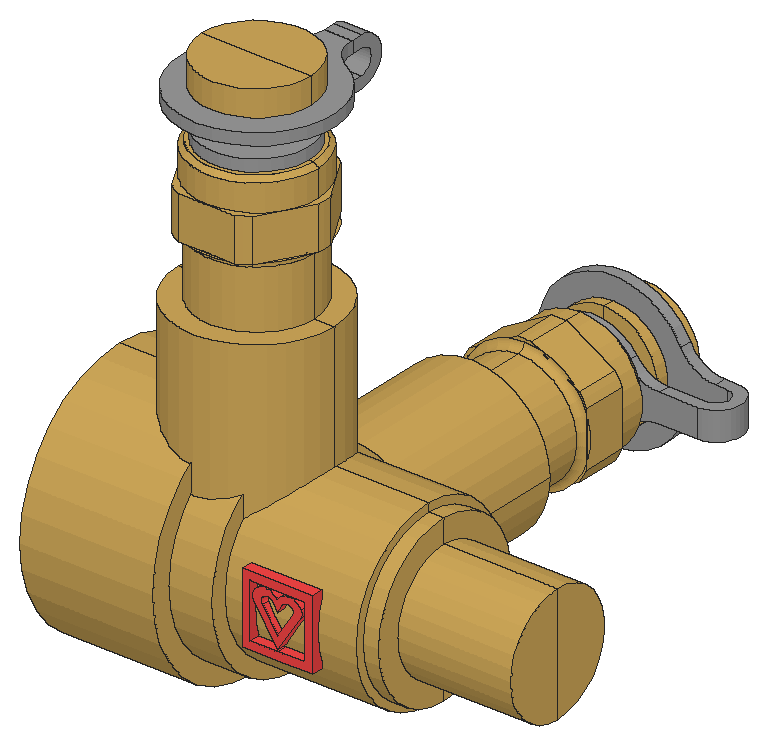
Revit family "HERZ измерительная диафрагма 4000", category Rohrzubehör, Revit 2021
Family settings
  Bemaßung runder Anschluss = Durchmesser verwenden
  Teiletyp = Unterbricht
  OmniClass-Nummer = 23.65.55.14
  OmniClass-Titel = Valves for Liquid Services
  Arbeitsebenenbasiert = Nein
  Immer vertikal = Ja
  Beim Laden mit Abzugskörper schneiden = Nein
  Gemeinsam genutzt = Nein
Parameters
  Среда = "Качество теплоносителя в соответствии с ÖNORM H5195 и VDI 2035.\r\nДопускается использование этилен- и пропиленгликоля в объемном соотношении 25-50 % с водой."
  Применение = "HERZ-измерительные диафрагмы устанавливаются на участках трубопроводов в системах отопления и холодоснабжения.\r\nИзмерительные диафрагмы могут устанавливаться как на подающей, так и на обратной линиях.\r\nОни устанавливаются либо вплотную к HERZ балансировочному клапану, образуя комплект, либо используются вместе с HERZ запорным клапаном.\r\nУчастки балансируются с помощью настроек балансировочного клапана при измерении потери давления на измерительной диафрагме."
  Номер заказа [instance] = size_lookup("4000_", "Artnr", 0, Nennweite)  # 1400001
  Мин. рабочая температура = -20 °C  # constant formula
  Макс. рабочее давление = 2000000.0 Pa  # constant formula
  Корпус = "латунь, CC770S"  # constant formula
  Исполнение = "Корпус измерительной диафрагмы выполнен из латуни, устойчивой к селективной цинковой коррозии.\r\nДва измерительных клапана встроены в диафрагму.\r\nСогласно EN 10226 на входе в диафрагму - муфта с внутренней резьба Rp и на выходе - наружная резьба R."
  kvs-значения [instance] = if(Nennweite = 15.00 mm, 2.2, if(Nennweite = 20.00 mm, 4.25, if(Nennweite = 25.00 mm, 8.6, if(Nennweite = 32.00 mm, 15.9, if(Nennweite = 40.00 mm, 23.7, if(Nennweite = 50.00 mm, 48, 0))))))  # 2.2
  Vorgabe-Ansicht = 0.00 mm
  URL = "www.herz-armaturen.ru"
  SCRNSEQ = "AWI;AWI_TYP=\"1001\";02"
  SCRNCODE = "02;01;02"  # constant formula
  S03 = 10.00 mm  # constant formula
  S02 [instance] = S01 - 10.00 mm  # 17.50 mm
  S01 [instance] = H01  # 27.50 mm
  R01 [instance] = size_lookup("4000_", "R1", 1.00 mm, Nennweite)  # 10.00 mm
  Nennweite [instance] = 15.00 mm
  Измерительные клапаны = "латунь, CW602N"  # constant formula
  Макс. рабочая температура (до DN32) = 130 °C  # constant formula
  Макс. рабочая температура (от DN40) = 110 °C  # constant formula
  LO01 [instance] = if(Nennweite = 15.00 mm, 30.00 mm, if(Nennweite = 20.00 mm, 32.00 mm, if(Nennweite = 25.00 mm, 37.00 mm, if(Nennweite = 32.00 mm, 42.00 mm, if(Nennweite = 40.00 mm, 42.00 mm, if(Nennweite = 50.00 mm, 45.00 mm, 0.00 mm))))))  # 30.00 mm
  L05 [instance] = size_lookup("4000_", "L5", 1.00 mm, Nennweite)  # 23.00 mm
  L04 [instance] = size_lookup("4000_", "L4", 1.00 mm, Nennweite)  # 16.50 mm
  L03 [instance] = size_lookup("4000_", "L3", 1.00 mm, Nennweite)  # 22.60 mm
  L02 [instance] = size_lookup("4000_", "L2", 1.00 mm, Nennweite)  # 17.00 mm
  L01 [instance] = size_lookup("4000_", "L1", 1.00 mm, Nennweite)  # 17.50 mm
  L00 [instance] = size_lookup("4000_", "L", 1.00 mm, Nennweite)  # 56.00 mm
  IG [instance] = Nennweite / 2  # 7.50 mm
  Hersteller = "HERZ Armaturen Ges.m.b.H."  # constant formula
  H01 [instance] = size_lookup("4000_", "H1", 1.00 mm, Nennweite)  # 27.50 mm
  GT1 [instance] = size_lookup("4000_", "GT1", 1.00 mm, Nennweite)  # 14.50 mm
  GT [instance] = size_lookup("4000_", "GT", 1.00 mm, Nennweite)  # 13.00 mm
  D04 [instance] = D03 - 1.00 mm  # 10.50 mm
  D03 [instance] = size_lookup("4000_", "D3", 1.00 mm, Nennweite)  # 11.50 mm
  D02 [instance] = size_lookup("4000_", "D2", 1.00 mm, Nennweite)  # 13.50 mm
  D01 [instance] = size_lookup("4000_", "D1", 1.00 mm, Nennweite)  # 16.00 mm
  AG [instance] = Nennweite / 2  # 7.50 mm
Reference planes
  plane 1 "Mitte (Vorne/hinten)": y = 0
  plane 2: z = 0
  plane 3 "Mitte (Links/rechts)": x = 0
Forms (mm)
  Revolve 1, solid, material "Messing, weicher Gelbton, geschweißt", detail levels fine
    sketch origin (0, 0, 0) x (1, 0, 0) y (0, 0, 1)
      loop
        line (-4.5, 0) -> (38.5, 0) -> (38.5, 7.5) -> (24, 7.5) -> (24, 10.5) -> (22, 10.5) -> (22, 11.5) -> (5.1, 11.5) -> (5.1, 13.5) -> (-0.5, 13.5) -> (-0.5, 16) -> (-17.5, 16) -> (-17.5, 7.5) -> (-4.5, 7.5) -> (-4.5, 0)
      axis (-17.5, 0) -> (38.5, 0)
    angle from 0 to 360
  Revolve 2, solid, material "Messing, weicher Gelbton, geschweißt", detail levels fine
    sketch origin (0, 0, 0) x (1, 0, 0) y (0, 0, 1)
      loop
        line (-10, 7.5) -> (0, 7.5) -> (0, 27.5) -> (-10, 27.5) -> (-10, 7.5)
      axis (0, 27.5) -> (0, 7.5)
    angle from 0 to 360
  Revolve 3, solid, material "Messing, weicher Gelbton, geschweißt", detail levels fine
    sketch origin (0, 0, 0) x (1, 0, 0) y (0, 1, 0)
      loop
        line (5.5, 7.5) -> (15.5, 7.5) -> (15.5, 27.5) -> (5.5, 27.5) -> (5.5, 7.5)
      axis (5.5, 27.5) -> (5.5, 7.5)
    angle from 0 to 360
Lines and regions (mm)
  model lines, detail levels coarse+medium
    curve 1: line (-17.5, 0, 0) -> (0.5, 0, 0)
    curve 2: line (10.5, 0, -27.5) -> (10.5, 0, 27.5)
    curve 3: line (20.5, 0, 17.5) -> (20.5, 0, -17.5)
    curve 4: line (20.5, 0, 0) -> (38.5, 0, 0)
    curve 5: line (0.5, 0, 17.5) -> (0.5, 0, -17.5)
    curve 6: line (-17.5, 0, 0) -> (0.5, 0, 0)
    curve 7: line (10.5, 27.5, 0) -> (10.5, -27.5, 0)
    curve 8: line (0.5, 17.5, 0) -> (0.5, -17.5, 0)
    curve 9: line (20.5, 17.5, 0) -> (20.5, -17.5, 0)
    curve 10: line (20.5, 0, 0) -> (38.5, 0, 0)
Dimensions and locks
  "L00": Revolve 1 sketch curve to Revolve 1 sketch curve
  "GT": Revolve 1 sketch curve to Revolve 1 sketch curve
  "L01": plane 3 "Mitte (Links/rechts)" to Revolve 1 sketch curve
  "GT1": Revolve 1 sketch curve to Revolve 1 sketch curve
  "L02": Revolve 1 sketch curve to Revolve 1 sketch curve
  "L03": Revolve 1 sketch curve to Revolve 1 sketch curve
  "L04": Revolve 1 sketch curve to Revolve 1 sketch curve
  "AG": Revolve 1 sketch curve to plane 2
  "IG": Revolve 1 sketch curve to plane 2
  "D01": Revolve 1 sketch curve to plane 2
  "D02": Revolve 1 sketch curve to plane 2
  "D03": Revolve 1 sketch curve to plane 2
  "D04": Revolve 1 sketch curve to plane 2
  "D03": nested 1 to plane 1 "Mitte (Vorne/hinten)"
  "LO01": Revolve 1 to nested 1
  "IG": Revolve 2 sketch curve to plane 2
  "H01": Revolve 2 sketch curve to plane 2
  "R01": plane 3 "Mitte (Links/rechts)" to Revolve 2 sketch curve
  "H01": nested 2 to plane 2
  "IG": plane 1 "Mitte (Vorne/hinten)" to Revolve 3 sketch curve
  "H01": plane 1 "Mitte (Vorne/hinten)" to Revolve 3 sketch curve
  "R01": Revolve 3 sketch curve to Revolve 3 sketch curve
  "L05": Revolve 1 to Revolve 3 sketch curve  (x2)
  "H01": plane 1 "Mitte (Vorne/hinten)" to nested 3
  "L05": Revolve 1 to nested 3
  "L01": Revolve 1 to nested 2
  "S01": curve 2 to curve 4 to curve 2
  "L00": curve 1 to curve 4
  "S02": curve 3 to curve 4 to curve 3
  "S03": curve 2 to curve 3
  "S03": curve 2 to curve 5
  equal spacing: curve 4, curve 2, curve 1
  "S02": curve 5 to curve 1 to curve 5
  "L01": plane 3 "Mitte (Links/rechts)" to curve 1
  "L00": curve 6 to curve 10
  equal spacing: curve 6, curve 7, curve 10
  "S03": curve 8 to curve 7 to curve 9
  "S02": curve 9 to curve 10 to curve 9
  "S02": curve 8 to curve 6 to curve 8
  "S01": curve 7 to curve 10 to curve 7
  "L01": curve 6 to plane 3 "Mitte (Links/rechts)"
  aligned and locked: level to plane 2
Automatic sketch dimensions
  curve 4 to level = 0.00 mm
  curve 1 to level = 0.00 mm
  plane 1 "Mitte (Vorne/hinten)" to curve 10 = 0.00 mm
  plane 1 "Mitte (Vorne/hinten)" to curve 6 = 0.00 mm
  Revolve 1 sketch curve to level = 0.00 mm  (x2)
  Revolve 1 sketch curve to Revolve 1 sketch curve = 1489.03 mm
  Revolve 1 sketch curve to Revolve 1 sketch curve = 1800.648 mm
  Revolve 2 sketch curve to plane 3 "Mitte (Links/rechts)" = 0.00 mm  (x2)
  Revolve 2 sketch curve to level = 366.045 mm
  Revolve 2 sketch curve to Revolve 2 sketch curve = 2186.815 mm
  Revolve 3 sketch curve to Revolve 3 sketch curve = 0.00 mm  (x2)
Nested families
  nested 1: "Herz-Logo-vorne" at (12.5, -11.5, 0) x (0, 1, 0) z (0, 0, 1), type "Herz-Logo-vorne", detail levels fine
  nested 2: "Messstutzen_Band_Eintritt_senkrecht_(oben)" at (0, 0, 18.5), type "Messstutzen_Band_Eintritt_senkrecht_(oben)", detail levels fine
    with Schutzkappe yes, Nennweite 0.00 mm, Gewicht 0.00 kg, Bestellnummer 0
  nested 3: "Messstutzen_Band_Austritt_waagrecht" at (5.5, 18.5, 0) x (0, -1, 0) z (0, 0, 1), type "Messstutzen_Band_Austritt_waagrecht", detail levels fine
    with Schutzkappe yes, Nennweite 0.00 mm, Gewicht 0.00 kg, Bestellnummer 0
Connectors
  piping at (-4.5, 0, 0), diameter 15, driven by "Nennweite"
    settings: on Revolve 1, index 1, connector inside diameter 609.6 mm, connector length 0.00 mm, flow factor 0, pipe flow 0.0 L/s, pressure drop 0.0 Pa, fitting loss kfactor 0, connector angle 0.00°, fixture units 0, engagement length 0.00 mm, angle of deflection 0.00°, flow configuration 0, flow direction 1, fitting loss method 0, system type 29, joint type 0, gender type 0, connector reference index -1, connector utility 0, adjustable connector no, is connector primary yes, connector description ""
  piping at (38.5, 0, 0), diameter 15, driven by "Nennweite"
    settings: on Revolve 1, index 2, connector inside diameter 609.6 mm, connector length 0.00 mm, flow factor 0, pipe flow 0.0 L/s, pressure drop 0.0 Pa, fitting loss kfactor 0, connector angle 0.00°, fixture units 0, engagement length 0.00 mm, angle of deflection 0.00°, flow configuration 0, flow direction 2, fitting loss method 0, system type 29, joint type 0, gender type 0, connector reference index -1, connector utility 0, adjustable connector no, is connector primary no, connector description ""
Definition of nested family "Herz-Logo-vorne"
  Parameters (values of type "Herz-Logo-vorne")
    Default Elevation = 0.00 mm
  Reference planes
    plane 1 "Mitte (Vorne/hinten)": y = 0
    plane 2: z = 0
    plane 3 "Mitte (Links/rechts)": x = 0
  Forms (mm)
    Extrusion 1, solid
      sketch origin (0.732, -0.018, 0.017) x (0, -1, 0) y (0, 0, 1)
        loop
          line (-0.018, -4.517) -> (4.482, -4.517) -> (4.482, 4.483) -> (-4.518, 4.483) -> (-4.518, -4.517) -> (-0.018, -4.517)
        loop
          line (-0.05, -3.48) -> (3.482, -3.48) -> (3.482, 3.483) -> (-3.518, 3.483) -> (-3.518, -3.48) -> (-0.05, -3.48)
        loop
          arc (-0.018, 2.383) -> (-1.543, 3.287) -> (-3.067, 2.383) r 1.738
          arc (-3.067, 2.383) -> (-3.191, 1.899) -> (-3.067, 1.415) r 1.009
          line (-3.067, 1.415) -> (-0.018, -3.281) -> (3.032, 1.415)
          arc (3.032, 1.415) -> (3.156, 1.899) -> (3.032, 2.383) r 1.009
          arc (3.032, 2.383) -> (1.507, 3.287) -> (-0.018, 2.383) r 1.738
        loop
          arc (1.885, 1.272) -> (2.005, 1.675) -> (1.885, 2.079) r 0.74
          arc (1.885, 2.079) -> (1.265, 2.416) -> (0.644, 2.079) r 0.74
          line (0.644, 2.079) -> (-0.018, 0.97) -> (-0.679, 2.079)
          arc (-0.679, 2.079) -> (-1.3, 2.416) -> (-1.921, 2.079) r 0.74
          arc (-1.921, 2.079) -> (-2.04, 1.675) -> (-1.921, 1.272) r 0.74
          line (-1.921, 1.272) -> (-0.018, -1.658) -> (1.885, 1.272)
      from 0 to 1.5
  Dimensions and locks
    aligned and locked: level to plane 2
Definition of nested family "Messstutzen_Band_Eintritt_senkrecht_(oben)"
  Parameters (values of type "Messstutzen_Band_Eintritt_senkrecht_(oben)")
    Default Elevation = 0.00 mm
    URL = "www.herz-armaturen.at"
    Schutzkappe [instance] = yes
    Nennweite [instance] = 0.00 mm
    Manufacturer = "Herz Armaturen GmbH"  # constant formula
    Gewicht [instance] = 0.00 kg
    Bestellnummer [instance] = 0
  Reference planes
    plane 1 "Mitte (Vorne/hinten)": y = 0
    plane 2: z = 0
    plane 3 "Mitte (Links/rechts)": x = 0
    plane 4 "Schlaufe 1": z = -27
    plane 5 "Schlaufe 2": z = -31.678
  Forms (mm)
    Revolve 1, solid, detail levels fine
      sketch origin (0, 0, 0) x (1, 0, 0) y (0, 0, 1)
        loop
          line (-7.4, 9) -> (-5.55, 9) -> (-5.55, 6)
          arc (-5.55, 6) -> (-5.626, 5.617) -> (-5.843, 5.293) r 1
          line (-5.843, 5.293) -> (-6.455, 4.681) -> (-6.455, 0.9) -> (-5.555, 0) -> (-2, 0) -> (-2, 17.5) -> (-8.4, 17.5)
          arc (-8.4, 17.5) -> (-7.693, 17.207) -> (-7.4, 16.5) r 1
          line (-7.4, 16.5) -> (-7.4, 9)
        loop
          line (-3.7, 27) -> (-7.3, 27) -> (-7.9, 26.4) -> (-7.9, 23) -> (-2, 23) -> (-2, 35.8) -> (-3.805, 35.8) -> (-4.415, 35.19) -> (-4.415, 30.863) -> (-3.7, 30.45) -> (-3.7, 27)
        axis (0, 0) -> (0, 35.8)
      angle from 0 to 360
    Extrusion 2, solid, detail levels fine
      sketch origin (0, 0, 17.5) x (0, 1, 0) y (-1, 0, 0)
        loop
          arc (-7.07, 5.156) -> (-7.578, 4.375) -> (-8, 3.544) r 8.75
          line (-8, 3.544) -> (-8, -3.544)
          arc (-8, -3.544) -> (-7.578, -4.375) -> (-7.07, -5.156) r 8.75
          line (-7.07, -5.156) -> (-0.93, -8.7)
          arc (-0.93, -8.7) -> (0, -8.75) -> (0.93, -8.7) r 8.75
          line (0.93, -8.7) -> (7.07, -5.156)
          arc (7.07, -5.156) -> (7.578, -4.375) -> (8, -3.544) r 8.75
          line (8, -3.544) -> (8, 3.544)
          arc (8, 3.544) -> (7.578, 4.375) -> (7.07, 5.156) r 8.75
          line (7.07, 5.156) -> (0.93, 8.7)
          arc (0.93, 8.7) -> (0, 8.75) -> (-0.93, 8.7) r 8.75
          line (-0.93, 8.7) -> (-7.07, 5.156)
      from 0 to 5.5
    Revolve 3, solid, visible <- "Schutzkappe", detail levels fine
      sketch origin (0, 0, 0) x (1, 0, 0) y (0, 0, 1)
        loop
          line (0, 35.878) -> (0, 36.678) -> (-7, 36.678) -> (-7, 33.378) -> (-6.1, 33.378) -> (-6.1, 31.678) -> (-6.9, 31.678) -> (-6.9, 30.178) -> (-4.415, 30.178) -> (-4.415, 35.268) -> (-3.805, 35.878) -> (0, 35.878)
        axis (0, 30.178) -> (0, 36.678)
      angle from 0 to 360
    Extrusion 4, solid, detail levels fine
      sketch origin (0, 0, 28.5) x (1, 0, 0) y (0, 1, 0)
        loop
          circle (0, 0) r 3.7
        loop
          arc (-3.906, 5.505) -> (0, -6.75) -> (3.906, 5.505) r 6.75
          arc (3.906, 5.505) -> (2.358, 7.288) -> (1.8, 9.582) r 5
          line (1.8, 9.582) -> (-1.8, 9.582)
          arc (-1.8, 9.582) -> (-2.358, 7.288) -> (-3.906, 5.505) r 5
      from 0 to -1.5
    Extrusion 5, solid, detail levels fine
      sketch origin (0, 0, 33.178) x (1, 0, 0) y (0, 1, 0)
        loop
          circle (0, 0) r 6.1
        loop
          arc (-4.495, 8.652) -> (0, -9.75) -> (4.495, 8.652) r 9.75
          arc (4.495, 8.652) -> (2.527, 10.493) -> (1.8, 13.089) r 5
          line (1.8, 13.089) -> (-1.8, 13.089)
          arc (-1.8, 13.089) -> (-2.527, 10.493) -> (-4.495, 8.652) r 5
      from 0 to -1.5
    Sweep 6, solid, detail levels fine
      path origin (0, 0, 0) x (0, 0, -1) y (0, -1, 0)
        loop
          line (-27.75, -9.582) -> (-27.75, -14.522)
          arc (-27.75, -14.522) -> (-30.089, -16.862) -> (-32.428, -14.522) r 2.339
          line (-32.428, -14.522) -> (-32.428, -13.089)
      profile origin (0, 12.052, 27.75) x (0, 0, 1) y (1, 0, 0)
        loop
          line (-0.75, -1.8) -> (0.75, -1.8) -> (0.75, 1.8) -> (-0.75, 1.8) -> (-0.75, -1.8)
  Dimensions and locks
    aligned and locked: level to plane 2
Definition of nested family "Messstutzen_Band_Austritt_waagrecht"
  Parameters (values of type "Messstutzen_Band_Austritt_waagrecht")
    Default Elevation = 0.00 mm
    URL = "www.herz-armaturen.at"
    Schutzkappe [instance] = yes
    Nennweite [instance] = 0.00 mm
    Manufacturer = "Herz Armaturen GmbH"  # constant formula
    Gewicht [instance] = 0.00 kg
    Bestellnummer [instance] = 0
  Reference planes
    plane 1 "Mitte (Vorne/hinten)": y = 0
    plane 2: z = 0
    plane 3 "Mitte (Links/rechts)": x = 0
  Forms (mm)
    Revolve 1, solid, detail levels fine
      sketch origin (0, 0, 0) x (0, 0, -1) y (1, 0, 0)
        loop
          line (-7.4, -9) -> (-7.4, -16.5)
          arc (-7.4, -16.5) -> (-7.693, -17.207) -> (-8.4, -17.5) r 1
          line (-8.4, -17.5) -> (-2, -17.5) -> (-2, 0) -> (-5.555, 0) -> (-6.455, -0.9) -> (-6.455, -4.681) -> (-5.843, -5.293)
          arc (-5.843, -5.293) -> (-5.626, -5.617) -> (-5.55, -6) r 1
          line (-5.55, -6) -> (-5.55, -9) -> (-7.4, -9)
        loop
          line (-3.7, -27) -> (-3.7, -30.45) -> (-4.415, -30.863) -> (-4.415, -35.19) -> (-3.805, -35.8) -> (-2, -35.8) -> (-2, -23) -> (-7.9, -23) -> (-7.9, -26.4) -> (-7.3, -27) -> (-3.7, -27)
        axis (0, 0) -> (0, -35.8)
      angle from 0 to 360
    Extrusion 2, solid, detail levels fine
      sketch origin (-17.5, 0, 0) x (0, 0, 1) y (0, 1, 0)
        loop
          line (5.156, -7.07) -> (8.7, -0.93)
          arc (8.7, -0.93) -> (8.75, 0) -> (8.7, 0.93) r 8.75
          line (8.7, 0.93) -> (5.156, 7.07)
          arc (5.156, 7.07) -> (4.375, 7.578) -> (3.544, 8) r 8.75
          line (3.544, 8) -> (-3.544, 8)
          arc (-3.544, 8) -> (-4.375, 7.578) -> (-5.156, 7.07) r 8.75
          line (-5.156, 7.07) -> (-8.7, 0.93)
          arc (-8.7, 0.93) -> (-8.75, 0) -> (-8.7, -0.93) r 8.75
          line (-8.7, -0.93) -> (-5.156, -7.07)
          arc (-5.156, -7.07) -> (-4.375, -7.578) -> (-3.544, -8) r 8.75
          line (-3.544, -8) -> (3.544, -8)
          arc (3.544, -8) -> (4.375, -7.578) -> (5.156, -7.07) r 8.75
      from 0 to 5.5
    Revolve 3, solid, visible <- "Schutzkappe", detail levels fine
      sketch origin (0, 0, 0) x (0, 0, -1) y (1, 0, 0)
        loop
          line (0, -35.878) -> (-3.805, -35.878) -> (-4.415, -35.268) -> (-4.415, -30.178) -> (-6.9, -30.178) -> (-6.9, -31.678) -> (-6.1, -31.678) -> (-6.1, -33.378) -> (-7, -33.378) -> (-7, -36.678) -> (0, -36.678) -> (0, -35.878)
        axis (0, -30.178) -> (0, -36.678)
      angle from 0 to 360
    Extrusion 4, solid, detail levels fine
      sketch origin (-27, 0, 0) x (0, 1, 0) y (0, 0, 1)
        loop
          circle (0, 0) r 3.7
        loop
          arc (5.505, 3.906) -> (-6.75, 0) -> (5.505, -3.906) r 6.75
          arc (5.505, -3.906) -> (7.288, -2.358) -> (9.582, -1.8) r 5
          line (9.582, -1.8) -> (9.582, 1.8)
          arc (9.582, 1.8) -> (7.288, 2.358) -> (5.505, 3.906) r 5
      from 0 to -1.5
    Extrusion 5, solid, detail levels fine
      sketch origin (-31.678, 0, 0) x (0, 1, 0) y (0, 0, 1)
        loop
          circle (0, 0) r 6.1
        loop
          arc (8.652, 4.495) -> (-9.75, 0) -> (8.652, -4.495) r 9.75
          arc (8.652, -4.495) -> (10.493, -2.527) -> (13.089, -1.8) r 5
          line (13.089, -1.8) -> (13.089, 1.8)
          arc (13.089, 1.8) -> (10.493, 2.527) -> (8.652, 4.495) r 5
      from 0 to -1.5
    Sweep 6, solid, detail levels fine
      path origin (0, 0, 0) x (0, -1, 0) y (1, 0, 0)
        loop
          line (-9.582, -27.75) -> (-14.522, -27.75)
          arc (-14.522, -27.75) -> (-16.862, -30.089) -> (-14.522, -32.428) r 2.339
          line (-14.522, -32.428) -> (-13.089, -32.428)
      profile origin (-27.75, 12.052, 0) x (-1, 0, 0) y (0, 0, 1)
        loop
          line (-0.75, 1.8) -> (-0.75, -1.8) -> (0.75, -1.8) -> (0.75, 1.8) -> (-0.75, 1.8)
  Cuts and joins
    joined: Extrusion 4, Extrusion 5, Sweep 6
  Dimensions and locks
    aligned and locked: level to plane 2
